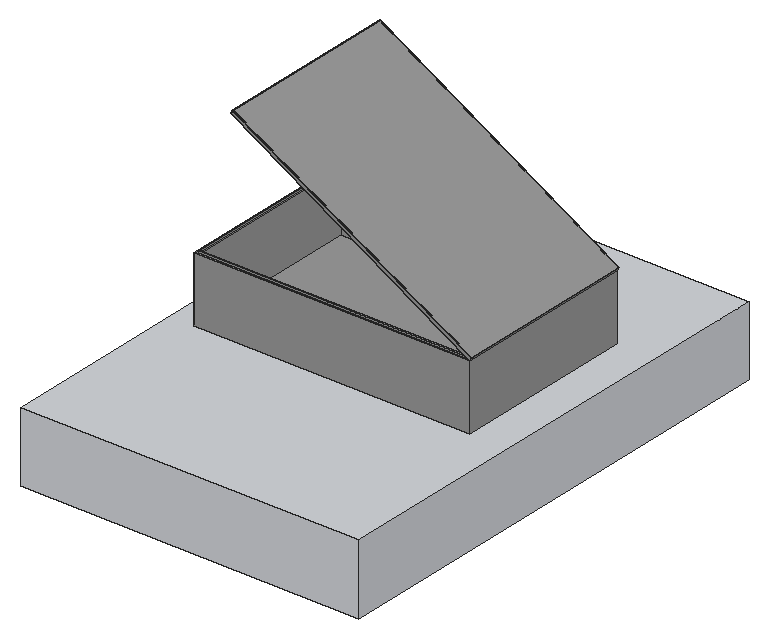
Revit family "Hager-Orion_Inox-IP55-D300-Cl.I-Inox_encl-630A-800mm-CH-en", category Equipement électrique, Revit 2020
Family settings
  Hôte = Face
  Configuration du panneau = Deux colonnes, circuits au sein
  Cote de connecteur circulaire = Utiliser le diamètre
  Type d'élément = Tableau de raccordement
  Couper avec des vides une fois chargée = Non
  Partagée = Non
  Point de calcul de pièce = Non
Parameters (values of type "Surface mounted (plaster) IP55 W1200 H800 D300  - FL055BWL")
  Width Control [instance] = if([EF000008 - Width] > Min Width, [EF000008 - Width], Min Width)  # 1200 mm
  Commentaires du type = [HG000003 - Range]  # "Orion Inox"
  Thickness Door [instance] = if([EF009171 - Material plate thickness door/cover] > 3 mm, 3 mm, [EF009171 - Material plate thickness door/cover])  # 1.5 mm
  Seal Frame Offset [instance] = 17 mm  # constant formula
  Model = ""
  Min Width [instance] = 100 mm  # constant formula
  Min Height [instance] = 100 mm  # constant formula
  Min Depth [instance] = (2 * [EF009170 - Material plate thickness cabinet]) + 1 mm  # 4 mm
  Internal Frame Depth [instance] = (Door System Depth * 0.5)  # 9 mm
  Height Control [instance] = if([EF000040 - Height] > Min Height, [EF000040 - Height], Min Height)  # 800 mm
  HG000027 - Plinth height = 0 mm
  HG000026 - Floor standing = no
  HG000024 - Bottom section height = 800 mm
  HG000023 - Double section enclosure = no
  HG000016 - Door 3d visibility [instance] = yes
  HG000015 - Clearance visibility [instance] = no
  HG000014 - Door on the right [instance] = yes
  HG000013 - Door on the left [instance] = not([HG000014 - Door on the right])  # no
  HG000012 - Door swing angle [instance] = 30.00°
  HG000010 - Asymmetric doors = no
  HG000009 - Double swing door = no
  HG000006 - Flush mounted = no
  HG000004 - Manufacturer reference = "FL055BWL"
  HG000003 - Range = "Orion Inox"
  HG000002 - With door or cover = yes
  Frame Offset Bottom [instance] = 10 mm  # constant formula
  Frame Offset [instance] = 15 mm  # constant formula
  EF015940 - Cover with overpressure release = no
  EF011959 - Degree of protection (NEMA) = ""
  EF009554 - Number of openings for flange plates = 0
  EF009212 - Cover model = "EV000116 - Closed"
  EF009171 - Material plate thickness door/cover = 1.5 mm
  EF009170 - Material plate thickness cabinet = 1.5 mm
  Fabricant = "Hager"  # constant formula
  EF008873 - Nominal current (In) = 630 A
  EF007800 - Suitable for lightning protection = no
  EF006306 - With lock = yes
  EF006244 - Transparent cover/door = no
  EF005474 - Degree of protection (IP) = "EV006420 - IP55"
  EF004464 - Type of door = "EV003602 - Double"
  EF004427 - Number of modules = 0
  EF004293 - Impact strength = "EV008784 - IK10"
  EF003532 - Suitable for outdoor use = yes
  EF002950 - Width in number of modular spacings = 0
  EF001613 - Circuit integrity = "EV000494 - None"
  EF001596 - Material housing = "EV000166 - Stainless steel"
  EF001131 - Internal depth = 266 mm
  EF001088 - Extension possible = yes
  EF000437 - Number of conduit inlets = 0
  EF000339 - Type of cover = "EV004216 - Door"
  EF000266 - Number of rows = 0
  EF000218 - Built-in depth = 0 mm
  EF000118 - With mounting plate = no
  EF000116 - RAL-number = ""
  EF000049 - Depth = 300 mm
  EF000040 - Height = 800 mm
  EF000008 - Width = 1200 mm
  EF000007 - Colour = "EV000154 - Other"
  EF000003 - Mounting method = "EV000384 - Surface mounted (plaster)"
  Door System Leaf Tolerance [instance] = 1.5 mm  # constant formula
  Door System Depth [instance] = 18 mm  # constant formula
  Depth Control [instance] = if([EF000049 - Depth] > Min Depth, [EF000049 - Depth], Min Depth)  # 300 mm
  Default Elevation = 0 mm
Types (4, lengths in mm): name | Width Control | HG000004 - Manufacturer reference | EF000008 - Width
  Surface mounted (plaster) IP55 W1000 H800 D300  - FL054BW | 1000 | "FL054BW" | 1000
  Surface mounted (plaster) IP55 W1000 H800 D300  - FL054BWL | 1000 | "FL054BWL" | 1000
  Surface mounted (plaster) IP55 W1200 H800 D300  - FL055BW | 1200 | "FL055BW" | 1200
  Surface mounted (plaster) IP55 W1200 H800 D300  - FL055BWL | 1200 | "FL055BWL" | 1200
Reference planes
  plane 1 "Center (Front/Back)": y = 0
  plane 2: z = 0
  plane 3 "Center (Left/Right)": x = 0
  plane 4: z = 300
  plane 5: y = 1.5
  plane 6: y = 400
  plane 7: y = 0
  plane 8: y = 800
  plane 9: z = 0
  plane 10: x = -585
  plane 11: x = 585
  plane 12: x = 583.5
  plane 13: x = -583.5
  plane 14: y = 798.5
  plane 15: x = -583
  plane 16: x = -600
  plane 17: x = 583
  plane 18: x = 600
  plane 19: x = 598.5
  plane 20: x = -598.5
  plane 21: y = 11.5
  plane 22: y = 800
  plane 23: y = 783.5
  plane 24: z = 282
  plane 25: z = 1.5
  plane 26: z = 280.5
  plane 27: z = 298.5
Forms (mm)
  Extrusion 1, solid
    sketch origin (0, 0, 0) x (1, 0, 0) y (0, 1, 0)
      loop
        line (-702.964, 1305) -> (-702.964, -811.445) -> (766.763, -811.445) -> (766.763, 1305) -> (-702.964, 1305)
    from 0 to -304.8
  Extrusion 2, solid, material "Hager_Stainless_Steel", detail levels medium+fine
    sketch origin (0, 0, 0) x (1, 0, 0) y (0, 1, 0)
      loop
        line (-600, 0) -> (600, 0) -> (600, 800) -> (-600, 800) -> (-600, 0)
    from 0 to 282
  Extrusion 3, solid, material "Hager_Steel_RAL 7035_Light_Grey", not visible, detail levels medium+fine
    sketch origin (0, 28.16, 50.802) x (0, 1, 0) y (0, 0, 1)
      loop
        line (423.34, -50.802) -> (423.34, 237.698)
        arc (423.34, 237.698) -> (420.411, 244.769) -> (413.34, 247.698) r 10
        line (413.34, 247.698) -> (383.34, 247.698) -> (383.34, -50.802) -> (423.34, -50.802)
    from -598.5 to 598.5
  Extrusion 4, void
    sketch origin (0, 0, 0) x (1, 0, 0) y (0, 1, 0)
      loop
        line (-598.5, 1.5) -> (598.5, 1.5) -> (598.5, 798.5) -> (-598.5, 798.5) -> (-598.5, 1.5)
    from 1.5 to 280.5
  Extrusion 5, void
    sketch origin (-381.607, -4572, 282) x (0, -1, 0) y (-1, 0, 0)
      loop
        line (-4583.5, 201.893) -> (-5355.5, 201.893) -> (-5355.5, -965.107) -> (-4583.5, -965.107) -> (-4583.5, 201.893)
    from 0 to 1.5 <- "EF009170 - Material plate thickness cabinet"
  Extrusion 6, solid, material "Hager_Stainless_Steel", detail levels fine
    sketch origin (-381.607, -4572, 282) x (-1, 0, 0) y (0, -1, 0)
      loop
        line (201.893, -4583.5) -> (-965.107, -4583.5) -> (-965.107, -5355.5) -> (201.893, -5355.5) -> (201.893, -4583.5)
      loop
        line (202.893, -4582) -> (-966.107, -4582) -> (-966.107, -5357) -> (202.893, -5357) -> (202.893, -4582)
    from 0 to 9 <- "Internal Frame Depth"
  Extrusion 7, solid, material "Hager_Stainless_Steel", detail levels coarse
    sketch origin (0, 0, 0) x (1, 0, 0) y (0, 1, 0)
      loop
        line (-600, 0) -> (600, 0) -> (600, 800) -> (-600, 800) -> (-600, 0)
    from 0 to 300
Cuts and joins
  Extrusion 4, Extrusion 5 cuts Extrusion 2
Lines and regions (mm)
  Masking region 1
    outline origin (0, 0, 0) x (1, 0, 0) y (0, 0, 1)
      loop
        line (-600, 300) -> (-600, 0) -> (600, 0) -> (600, 300) -> (-600, 300)
  Masking region 2, detail levels medium+fine
    outline origin (0, 140, 0) x (0, 1, 0) y (0, 0, 1)
      loop
        line (-140, 0) -> (660, 0) -> (660, 282) -> (-140, 282) -> (-140, 0)
  Masking region 3, not visible, detail levels medium+fine
    outline origin (0, 297.922, 0) x (0, 1, 0) y (0, 0, 1)
      loop
        line (113.578, 0) -> (153.578, 0) -> (153.578, 288.5)
        arc (153.578, 288.5) -> (150.649, 295.571) -> (143.578, 298.5) r 10
        line (143.578, 298.5) -> (113.578, 298.5) -> (113.578, 0)
  Masking region 4, detail levels coarse
    outline origin (0, 0, 180) x (0, 1, 0) y (0, 0, 1)
      loop
        line (0, -180) -> (800, -180) -> (800, 120) -> (0, 120) -> (0, -180)
  Masking region 5
    outline origin (-381.607, -4572, 282) x (-1, 0, 0) y (0, -1, 0)
      loop
        line (218.393, -5372) -> (218.393, -4572) -> (-981.607, -4572) -> (-981.607, -5372) -> (218.393, -5372)
Dimensions and locks
  "Depth Control": plane 4 to Extrusion 1
  "EF009170 - Material plate thickness cabinet": plane 5 to plane 7
  locked: connector elem to plane 3 "Center (Left/Right)"
  equal spacing: plane 8, plane 6, plane 7
  locked: connector elem to plane 6
  "EF009170 - Material plate thickness cabinet": plane 8 to plane 14
  "EF009170 - Material plate thickness cabinet": plane 10 to plane 13
  "EF009170 - Material plate thickness cabinet": plane 12 to plane 11
  "Frame Offset": plane 20 to plane 13
  "Frame Offset": plane 12 to plane 19
  "EF009170 - Material plate thickness cabinet": plane 16 to plane 20
  "EF009170 - Material plate thickness cabinet": plane 19 to plane 18
  "Seal Frame Offset": plane 16 to plane 15
  "Seal Frame Offset": plane 17 to plane 18
  "Frame Offset Bottom": plane 21 to plane 5
  "Frame Offset": plane 14 to plane 23
  equal spacing: plane 16, plane 3 "Center (Left/Right)", plane 18
  "Width Control": plane 16 to plane 18
  "EF009170 - Material plate thickness cabinet": plane 4 to plane 27
  "EF009170 - Material plate thickness cabinet": plane 24 to plane 26
  "EF009170 - Material plate thickness cabinet": plane 25 to level
  "Door System Depth": plane 4 to plane 24
  "Height Control": plane 1 "Center (Front/Back)" to Extrusion 7 sketch curve
  "Height Control": Masking region 4 sketch curve to plane 1 "Center (Front/Back)"
  "Thickness Door": Extrusion 6 sketch curve to plane 15
  "Thickness Door": plane 21 to Extrusion 6 sketch curve
  "Thickness Door": plane 17 to Extrusion 6 sketch curve
  "Thickness Door": Extrusion 6 sketch curve to plane 23
  "Height Control": plane 1 "Center (Front/Back)" to plane 22
  radius of Masking region 3 sketch curve = 10 mm
  radius of Extrusion 3 sketch curve = 10 mm
  aligned and locked: plane 2 to Extrusion 1
  aligned and locked: level to Extrusion 1
  aligned and locked: level to Masking region 1 sketch curve
  aligned and locked: Masking region 1 sketch curve to plane 18
  aligned and locked: Masking region 1 sketch curve to plane 16
  aligned and locked: plane 7 to Masking region 2 sketch curve
  aligned and locked: level to Masking region 3 sketch curve
  aligned and locked: Masking region 3 sketch curve to plane 27
  aligned and locked: level to Masking region 2 sketch curve
  aligned and locked: Extrusion 2 sketch curve to plane 7
  aligned and locked: plane 16 to Extrusion 2 sketch curve
  aligned and locked: plane 18 to Extrusion 2 sketch curve
  aligned and locked: Extrusion 3 sketch curve to level
  aligned and locked: plane 27 to Extrusion 3 sketch curve
  aligned and locked: plane 20 to Extrusion 3
  aligned and locked: plane 19 to Extrusion 3
  aligned and locked: plane 20 to Extrusion 4 sketch curve
  aligned and locked: plane 19 to Extrusion 4 sketch curve
  aligned and locked: Extrusion 4 sketch curve to plane 5
  aligned and locked: Extrusion 4 to plane 25
  aligned and locked: plane 26 to Extrusion 4
  aligned and locked: plane 24 to Extrusion 2
  aligned and locked: Extrusion 5 sketch curve to plane 21
  aligned and locked: Extrusion 5 sketch curve to plane 13
  aligned and locked: Extrusion 5 sketch curve to plane 12
  aligned and locked: plane 18 to Extrusion 7 sketch curve
  aligned and locked: plane 1 "Center (Front/Back)" to Extrusion 7 sketch curve
  aligned and locked: plane 16 to Extrusion 7 sketch curve
  aligned and locked: plane 4 to Extrusion 7
  aligned and locked: Extrusion 7 to level
  aligned and locked: level to Masking region 4 sketch curve
  aligned and locked: Masking region 4 sketch curve to plane 1 "Center (Front/Back)"
  aligned and locked: Masking region 4 sketch curve to plane 4
  aligned and locked: nested 1 to level
  aligned and locked: nested 1 to plane 16
  aligned and locked: Extrusion 2 sketch curve to plane 8
  aligned and locked: Extrusion 5 sketch curve to plane 23
  aligned and locked: Extrusion 4 sketch curve to plane 14
  aligned and locked: Extrusion 6 sketch curve to plane 21
  aligned and locked: plane 13 to Extrusion 6 sketch curve
  aligned and locked: Extrusion 6 sketch curve to plane 23
  aligned and locked: plane 12 to Extrusion 6 sketch curve
  aligned and locked: Masking region 2 sketch curve to plane 8
  aligned and locked: Masking region 2 sketch curve to plane 24
  aligned and locked: nested 2 to plane 3 "Center (Left/Right)"
  aligned and locked: nested 2 to plane 24
  aligned and locked: Masking region 5 sketch curve to plane 1 "Center (Front/Back)"
  aligned and locked: Masking region 5 sketch curve to plane 18
  aligned and locked: Masking region 5 sketch curve to plane 22
  aligned and locked: Masking region 5 sketch curve to plane 16
  aligned and locked: plane 8 to plane 22
  aligned and locked: plane 7 to plane 1 "Center (Front/Back)"
  aligned and locked: nested 2 to plane 1 "Center (Front/Back)"
Automatic sketch dimensions
  Extrusion 1 sketch curve to Extrusion 1 sketch curve = 1469.727 mm
  Extrusion 1 sketch curve to Extrusion 1 sketch curve = 2116.445 mm
  plane 6 to Masking region 3 sketch curve = 11.5 mm
  Masking region 3 sketch curve to Masking region 3 sketch curve = 30 mm
  plane 6 to Extrusion 3 sketch curve = 11.5 mm
  Extrusion 3 sketch curve to Extrusion 3 sketch curve = 30 mm
  Masking region 1 sketch curve to plane 4 = 0 mm
Nested families
  nested 1: "Hager_Enclosure_Symbol" at (-600, 0, 0) x (1, 0, 0) z (0, -1, 0), Height <- "Depth Control", Width <- "Width Control", type "Hager_Enclosure_Symbol"
    with Width_Ctrl 1200 mm, Width 1200 mm, Height_Ctrl 300 mm, Height 300 mm, A_Width_Int 19.688 mm, A_Width 236.25 mm, A_Height_Ctrl 262.5 mm, A_Height 262.5 mm
  nested 2: "EC000058_OrionInox_Door" at (0, 800, 282) x (1, 0, 0) z (0, -1, 0), Leaf_Tolerance <- "Door System Leaf Tolerance", Angle <- "HG000012 - Door swing angle", Door_Depth <- "Door System Depth", Door_Left <- "HG000013 - Door on the left", Transparent <- "EF006244 - Transparent cover/door", Assymetrical <- "HG000010 - Asymmetric doors", Width <- "Width Control", Clearance <- "HG000015 - Clearance visibility", Double <- "HG000009 - Double swing door", 3d_Door <- "HG000016 - Door 3d visibility", Width_Ctrl <- "Width Control", Door_Right <- "HG000014 - Door on the right", Door <- "HG000002 - With door or cover", Height <- "Height Control", Thickness <- "Thickness Door", type "EC000058_OrionInox_Door", detail levels medium+fine
    with min_wh 4 mm, Width_Ctrl 1200 mm, Width 1200 mm, Transparent no, Thickness 1.5 mm, Seal_Material Hager_Rubber, Leaf_Width 1200 mm, Leaf_Tolerance_External_Sides 0 mm, Leaf_Tolerance 1.5 mm, Leaf_Offset 0 mm, Leaf_Height 797 mm, Leaf_2_Width 1200 mm, Leaf_2_Offset 600 mm, Leaf_1_Width 1200 mm, Leaf_1_Offset 600 mm, Height_Ctrl 800 mm, Height 800 mm, Glass_Material Hager_Glass, Double_Clearance_Ctrl no, Double no, Door_Right_Ctrl yes, Door_Right yes, Door_Material Hager_Stainless_Steel, Door_Left_Ctrl no, Door_Left no, Door_Depth 18 mm, Door yes, Clearance_Material Hager_Clearance, Clearance_Depth 1200 mm, Clearance_Ctrl no, Clearance no, Assymetrical no, Angle 30.00°, 3d_Door yes
Connectors
  electrical at (0, 400, 0)
    settings: on plane 9, index 1, voltage 0 V, apparent load 0 VA, apparent load phase1 0 VA, apparent load phase2 0 VA, apparent load phase3 0 VA, power factor 1, load classification "Other", number of poles 1, system type 30, power factor state 1, is connector primary yes, connector utility no, sub classification motor no, connector description ""
Definition of nested family "EC000058_OrionInox_Door"
  Parameters (values of type "EC000058_OrionInox_Door")
    min_wh [instance] = (2 * Thickness) + 1 mm  # 11 mm
    Width_Ctrl [instance] = 400 mm
    Width [instance] = 500 mm
    Transparent [instance] = yes
    Thickness [instance] = 5 mm
    Seal_Material [instance] = none
    Leaf_Width [instance] = if((Width_Ctrl - 2 * Leaf_Tolerance_External_Sides) > 0 mm, (Width_Ctrl - 2 * Leaf_Tolerance_External_Sides), min_wh)  # 400 mm
    Leaf_Tolerance_External_Sides [instance] = 0 mm  # constant formula
    Leaf_Tolerance [instance] = 1.5 mm
    Leaf_Offset [instance] = 0 mm  # constant formula
    Leaf_Height [instance] = if((Height_Ctrl - 2 * Leaf_Tolerance) > 0 mm, (Height_Ctrl - 2 * Leaf_Tolerance), min_wh)  # 497 mm
    Leaf_2_Width [instance] = if(and(and(Double, Assymetrical), Door_Left), (Leaf_Width / 3) - (Leaf_Tolerance / 2), if(and(and(Double, Assymetrical), Door_Right), (Leaf_Width / 3) * 2 - (Leaf_Tolerance / 2), if(and(Double, not(Assymetrical)), (Leaf_Width / 2) - Leaf_Tolerance, Leaf_Width)))  # 400 mm
    Leaf_2_Offset [instance] = if(and(Double, Assymetrical), Leaf_2_Width / 2, if(and(Double, not(Assymetrical)), Leaf_Width / 4, Leaf_Width / 2))  # 200 mm
    Leaf_1_Width [instance] = if(and(and(Double, Assymetrical), Door_Right), (Leaf_Width / 3) - (Leaf_Tolerance / 2), if(and(and(Double, Assymetrical), Door_Left), (Width / 3) * 2 - (Leaf_Tolerance / 2), if(and(Double, not(Assymetrical)), (Leaf_Width / 2) - Leaf_Tolerance, Leaf_Width)))  # 400 mm
    Leaf_1_Offset [instance] = if(and(Double, Assymetrical), Leaf_1_Width / 2, if(and(Double, not(Assymetrical)), Leaf_Width / 4, Leaf_Width / 2))  # 200 mm
    Height_Ctrl [instance] = if(Height > min_wh, Height, min_wh)  # 500 mm
    Height [instance] = 500 mm
    Glass_Material [instance] = none
    Double_Clearance_Ctrl [instance] = and(Double, Clearance)  # no
    Double [instance] = no
    Door_Right_Ctrl [instance] = and(or(Door_Right, Double), Door)  # yes
    Door_Right [instance] = yes
    Door_Material [instance] = none
    Door_Left_Ctrl [instance] = and(or(Door_Left, Double), Door)  # no
    Door_Left [instance] = no
    Door_Depth [instance] = 30 mm
    Door [instance] = yes
    Default Elevation = 1219.2 mm
    Clearance_Material [instance] = none
    Clearance_Depth [instance] = if(Leaf_1_Width > Leaf_2_Width, Leaf_1_Width, Leaf_2_Width)  # 400 mm
    Clearance_Ctrl [instance] = and(not(Double), Clearance)  # yes
    Clearance [instance] = yes
    Assymetrical [instance] = yes
    Angle [instance] = 30.00°
    3d_Door [instance] = yes
  Reference planes
    plane 1 "Center (Front/Back)": y = 0
    plane 2 "Bottom": z = 0
    plane 3 "Center (Left/Right)": x = 0
    plane 4: z = 500
    plane 5: x = -200
    plane 6: x = 200
    plane 7: z = 500
    plane 8: x = -200
    plane 9: z = 0
    plane 10: x = 200
    plane 11: y = 0
    plane 12: z = 1.5
    plane 13: x = -600
    plane 14: y = -400
    plane 15: x = 600
    plane 16: x = 0
    plane 17: x = 0
    plane 18: x = -200
    plane 19: x = 200
    plane 20: z = 498.5
  Forms (mm)
    Extrusion 1, solid, material <- "Clearance_Material", visible <- "Double_Clearance_Ctrl"
      sketch origin (1200, 0, 0) x (1, 0, 0) y (0, 0, -1)
        loop
          line (-1800, -498.5) -> (-600, -498.5) -> (-600, 0) -> (-1800, 0) -> (-1800, -498.5)
      from 0 to -400
  Dimensions and locks
    equal spacing: plane 5, plane 3 "Center (Left/Right)", plane 6
    "Width_Ctrl": plane 5 to plane 6
    "Leaf_Offset": plane 5 to plane 8
    "Leaf_Offset": plane 6 to plane 10
    "Leaf_Offset": plane 9 to level
    "Leaf_Offset": plane 4 to plane 7
    "Height_Ctrl": plane 4 to level
    "Leaf_Tolerance": plane 12 to plane 9
    locked: plane 11 to plane 1 "Center (Front/Back)"
    "Leaf_1_Offset": plane 18 to plane 16
    "Leaf_2_Offset": plane 17 to plane 19
    "Leaf_1_Width": plane 13 to plane 8
    "Leaf_2_Width": plane 10 to plane 15
    "Clearance_Depth": plane 14 to plane 1 "Center (Front/Back)"
    "Leaf_Tolerance_External_Sides": plane 8 to plane 18
    "Leaf_Tolerance_External_Sides": plane 19 to plane 10
    "Leaf_Tolerance": plane 7 to plane 20
    aligned and locked: level to plane 2 "Bottom"
    aligned and locked: nested 1 to plane 16
    aligned and locked: nested 2 to plane 17
    aligned and locked: Extrusion 1 to plane 13
    aligned and locked: plane 15 to Extrusion 1
    aligned and locked: Extrusion 1 to plane 14
    aligned and locked: plane 12 to nested 1
    aligned and locked: nested 2 to plane 12
    aligned and locked: Extrusion 1 to plane 11
    aligned and locked: plane 20 to Extrusion 1
    aligned and locked: nested 2 to plane 11
    aligned and locked: nested 1 to plane 11
  Automatic sketch dimensions
    Extrusion 1 sketch curve to level = 0 mm
    plane 5 to Extrusion 1 sketch curve = 400 mm
    plane 6 to Extrusion 1 sketch curve = 400 mm
    Extrusion 1 sketch curve to plane 4 = 1.5 mm
  Nested families
    nested 1: "EC000058_OrionInox_Door_Leaf" at (0, 0, 1.5), Width <- "Leaf_1_Width", visible <- "Door_Left_Ctrl", Leaf_Height <- "Leaf_Height", Angle <- "Angle", 3d_Door <- "3d_Door", Transparent <- "Transparent", Clearance Material <- "Clearance_Material", Clearance <- "Clearance_Ctrl", Door_Material <- "Door_Material", Glass_Material <- "Glass_Material", Door_Depth <- "Door_Depth", Seal_Material <- "Seal_Material", Thickness <- "Thickness", type "EC000058_OrionInox_Door_Leaf"
      with Width 400 mm, Transparent_Ctrl yes, Transparent yes, Thickness 5 mm, Standard no, Seal_Material none, Seal_D2 8 mm, Seal_D1 1 mm, Offset_Internal_Frame 10 mm, Lock_Width 28 mm, Lock_Thickness 2 mm, Lock_Radius 6 mm, Leaf_Height 497 mm, Internal_Seal_Thickness 8 mm, Internal_Seal_Depth_2 4.5 mm, Internal_Frame_Depth 25 mm, Glass_Thickness -1 mm, Glass_Offset -2 mm, Glass_Material none, Door_Material none, Door_Depth 30 mm, Clearance Material none, Clearance yes, Angle_Ctrl 30.00°, Angle 30.00°, 3d_Door yes
    nested 2: "EC000058_OrionInox_Door_Leaf" at (0, 0, 1.5) x (-1, 0, 0) z (0, 0, 1), Width <- "Leaf_2_Width", visible <- "Door_Right_Ctrl", Leaf_Height <- "Leaf_Height", Angle <- "Angle", 3d_Door <- "3d_Door", Transparent <- "Transparent", Clearance Material <- "Clearance_Material", Clearance <- "Clearance_Ctrl", Door_Material <- "Door_Material", Glass_Material <- "Glass_Material", Door_Depth <- "Door_Depth", Seal_Material <- "Seal_Material", Thickness <- "Thickness", type "EC000058_OrionInox_Door_Leaf"
      with Width 400 mm, Transparent_Ctrl yes, Transparent yes, Thickness 5 mm, Standard no, Seal_Material none, Seal_D2 8 mm, Seal_D1 1 mm, Offset_Internal_Frame 10 mm, Lock_Width 28 mm, Lock_Thickness 2 mm, Lock_Radius 6 mm, Leaf_Height 497 mm, Internal_Seal_Thickness 8 mm, Internal_Seal_Depth_2 4.5 mm, Internal_Frame_Depth 25 mm, Glass_Thickness -1 mm, Glass_Offset -2 mm, Glass_Material none, Door_Material none, Door_Depth 30 mm, Clearance Material none, Clearance yes, Angle_Ctrl 30.00°, Angle 30.00°, 3d_Door yes
  Definition of nested family "EC000058_OrionInox_Door_Leaf"
    Parameters (values of type "EC000058_OrionInox_Door_Leaf")
      Width [instance] = 450 mm
      Transparent_Ctrl [instance] = and(Transparent, [3d_Door])  # yes
      Transparent [instance] = yes
      Thickness [instance] = 5 mm
      Standard [instance] = and(not(Transparent), [3d_Door])  # no
      Seal_Material [instance] = none
      Seal_D2 [instance] = 8 mm  # constant formula
      Seal_D1 [instance] = 1 mm  # constant formula
      Offset_Internal_Frame [instance] = 10 mm  # constant formula
      Lock_Width [instance] = Door_Depth - Lock_Thickness  # 28 mm
      Lock_Thickness [instance] = 2 mm  # constant formula
      Lock_Radius [instance] = 6 mm  # constant formula
      Leaf_Height [instance] = 450 mm
      Internal_Seal_Thickness [instance] = 8 mm  # constant formula
      Internal_Seal_Depth_2 [instance] = 4.5 mm  # constant formula
      Internal_Frame_Depth [instance] = if(Door_Depth - Thickness > 5 mm, Door_Depth - Thickness, 5 mm)  # 25 mm
      Glass_Thickness [instance] = if(Thickness > 15 mm, Glass_Offset + 10 mm, -1 mm)  # -1 mm
      Glass_Offset [instance] = if(Thickness > 15 mm, -(Thickness + 10 mm) / 2, -2 mm)  # -2 mm
      Glass_Material [instance] = none
      Door_Material [instance] = none
      Door_Depth [instance] = 30 mm
      Default Elevation = 0 mm
      Clearance Material [instance] = none
      Clearance [instance] = yes
      Angle_Ctrl [instance] = if(Angle > 180.00°, 180.00°, Angle)  # 90.00°
      Angle [instance] = 90.00°
      3d_Door [instance] = yes
    Reference planes
      plane 1 "Center (Front/Back)": y = 0
      plane 2: z = 0
      plane 3 "Center (Left/Right)": x = 0
      plane 4: y = 450
      plane 5: x = -225
      plane 6: x = 225
      plane 7: x = -675
      plane 8: z = 450
      plane 9: z = 30
      plane 10: z = 420
      plane 11: x = 195
      plane 12: x = -195
      plane 13: y = -3
      plane 14: z = 107.833
      plane 15: y = -5
      plane 16: y = -223.314
      plane 17: x = -225
      plane 18: y = 30
    Forms (mm)
      Extrusion 1, solid, material <- "Clearance Material", visible <- "Clearance"
        sketch origin (0, 0, 0) x (1, 0, 0) y (0, 0, 1)
          loop
            line (-675, 450) -> (-675, 0) -> (225, 0) -> (225, 450) -> (-675, 450)
        from 0 to -450
      Extrusion 2, solid, material <- "Door_Material", visible <- "Standard", detail levels medium+fine
        sketch origin (-225, 0, 0) x (0, 1, 0) y (-1, 0, 0)
          loop
            line (0, 30) -> (0, 25) -> (450, 25) -> (450, 30) -> (0, 30)
        from 0 to 450 <- "Leaf_Height"
      Extrusion 3, solid, material <- "Door_Material", visible <- "Transparent_Ctrl", detail levels medium+fine
        sketch origin (-225, 0, 0) x (0, 1, 0) y (-1, 0, 0)
          loop
            line (0, 25) -> (450, 25) -> (450, 30) -> (0, 30) -> (0, 25)
        from 0 to 450 <- "Leaf_Height"
      Extrusion 4, void
        sketch origin (-250, 450, 0) x (0, 1, 0) y (0, 0, -1)
          loop
            line (-30, -420) -> (-30, -30) -> (-420, -30) -> (-420, -420) -> (-30, -420)
        from 0 to 5 <- "Thickness"
      Sweep 5, solid, material <- "Seal_Material", visible <- "Transparent_Ctrl", detail levels fine
        path in 3D
          loop
            line (-250, 30, 30) -> (-250, 30, 420) -> (-250, 420, 420) -> (-250, 420, 30) -> (-250, 30, 30)
        profile origin (-250, 225, 30) x (1, 0, 0) y (0, 0, 1)
          loop
            line (0, 0) -> (0, -8) -> (1, -8) -> (1, 0) -> (0, 0)
      Extrusion 6, solid, material <- "Glass_Material", visible <- "Transparent_Ctrl", detail levels medium+fine
        sketch origin (-255, 0, 0) x (0, 1, 0) y (0, 0, -1)
          loop
            line (420, -420) -> (420, -30) -> (30, -30) -> (30, -420) -> (420, -420)
        from -2 <- "Glass_Offset" to -1 <- "Glass_Thickness"
      Extrusion 7, solid, material <- "Door_Material", visible <- "3d_Door", detail levels medium+fine
        sketch origin (-250, 450, 0) x (0, -1, 0) y (0, 0, -1)
          loop
            line (0, -450) -> (450, -450) -> (450, 0) -> (0, 0) -> (0, -450)
          loop
            line (445, -5) -> (5, -5) -> (5, -445) -> (445, -445) -> (445, -5)
        from 0 to 25 <- "Internal_Frame_Depth"
      Sweep 8, solid, material <- "Seal_Material", visible <- "Transparent_Ctrl", detail levels fine
        path in 3D
          loop
            line (-250, 0, 0) -> (-250, 450, 0) -> (-250, 450, 450) -> (-250, 0, 450) -> (-250, 0, 0)
        profile origin (-250, 0, 225) x (1, 0, 0) y (0, 1, 0)
          loop
            line (0, 10) -> (2.975, 10)
            arc (2.975, 10) -> (4.053, 10.447) -> (4.5, 11.525) r 1.525
            line (4.5, 11.525) -> (4.5, 16.527)
            arc (4.5, 16.527) -> (4.069, 17.569) -> (3.027, 18) r 1.473
            line (3.027, 18) -> (0, 18) -> (0, 10)
    Cuts and joins
      Extrusion 4 cuts Extrusion 3
    Lines and regions (mm)
      Masking region 1, detail levels medium+fine
        outline origin (0, 0, 0) x (0, 1, 0) y (0, 0, 1)
          loop
            line (0, 0) -> (30, 0) -> (30, 450) -> (0, 450) -> (0, 0)
      Masking region 2, detail levels medium+fine
        outline origin (0, 0, 0) x (1, 0, 0) y (0, 0, 1)
          loop
            line (-225, 450) -> (-225, 0) -> (225, 0) -> (225, 450) -> (-225, 450)
      symbolic lines
        curve 1: line (225, 0, 0) -> (-675, 0, 0)
        curve 2: arc (225, 0, 0) -> (-225, 450, 0) -> (-675, 0, 0) r 450
        curve 4: line (-255, 0, 0) -> (-255, 450, 0)
      reference lines
        curve 3: line (-225, 0, 0) -> (-225, 450, 0)
      symbolic lines, detail levels medium+fine
        curve 5: line (-255, 450, 0) -> (-250, 450, 0)
        curve 7: line (-250, 0, 0) -> (-255, 0, 0)
        curve 8: line (-250, 0, 0) -> (-225, 0, 0)
        curve 9: line (-225, 0, 0) -> (-225, 450, 0)
        curve 10: line (-225, 450, 0) -> (-250, 450, 0)
      symbolic lines, detail levels fine
        curve 6: line (-250, 450, 0) -> (-250, 0, 0)
      sketch lines
        curve 11: line (-250, 0, 450) -> (-250, 0, 0)
        curve 12: line (-250, 450, 0) -> (-250, 0, 0)
        curve 13: line (-250, 450, 450) -> (-250, 450, 0)
        curve 14: line (-250, 0, 450) -> (-250, 450, 450)
        curve 15: line (-250, 420, 30) -> (-250, 30, 30)
        curve 16: line (-250, 30, 30) -> (-250, 30, 420)
        curve 17: line (-250, 420, 420) -> (-250, 420, 30)
        curve 18: line (-250, 30, 420) -> (-250, 420, 420)
      symbolic lines, visible <- "Transparent", detail levels medium+fine
        curve 19: line (-195, 0, 420) -> (195, 0, 420)
        curve 20: line (-195, 0, 30) -> (-195, 0, 420)
        curve 21: line (195, 0, 30) -> (-195, 0, 30)
        curve 22: line (195, 0, 420) -> (195, 0, 30)
    Dimensions and locks
      "Width": plane 1 "Center (Front/Back)" to plane 4
      equal spacing: plane 5, plane 3 "Center (Left/Right)", plane 6
      "Width": plane 5 to plane 6
      "Width": plane 7 to plane 5
      "Leaf_Height": plane 8 to level
      "Width": curve 5 to curve 3
      "Width": curve 3 to curve 3
      plane 8 to plane 10 = 30 mm
      plane 9 to level = 30 mm
      plane 12 to plane 5 = 30 mm
      plane 6 to plane 11 = 30 mm
      Extrusion 4 sketch curve to Extrusion 3 = 30 mm
      Extrusion 3 to Extrusion 4 sketch curve = 30 mm
      Extrusion 1 to Extrusion 4 sketch curve = 30 mm
      curve 3 to Extrusion 4 sketch curve = 30 mm
      Extrusion 4 sketch curve to cut or joined group of Extrusion 3, Extrusion 4 = 30 mm
      cut or joined group of Extrusion 3, Extrusion 4 to Extrusion 6 sketch curve = 30 mm
      cut or joined group of Extrusion 3, Extrusion 4 to Extrusion 4 sketch curve = 30 mm
      "Thickness": curve 6 to curve 4
      "Thickness": Extrusion 7 sketch curve to Extrusion 7 sketch curve  (x4)
      "Door_Depth": curve 4 to curve 3
      "Offset_Internal_Frame": profile plane to Sweep 8 sketch curve
      "Internal_Seal_Thickness": Sweep 8 sketch curve to Sweep 8 sketch curve
      "Internal_Seal_Depth_2": profile plane to Sweep 8 sketch curve
      "Seal_D1": profile plane to Sweep 5 sketch curve
      "Seal_D2": profile plane to Sweep 5 sketch curve
      "Thickness": Extrusion 2 sketch curve to Extrusion 2 sketch curve
      "Door_Depth": plane 18 to plane 1 "Center (Front/Back)"
      radius of Sweep 8 sketch curve = 1.525 mm
      radius of Sweep 8 sketch curve = 1.473 mm
      "Angle_Ctrl": angle plane 1 "Center (Front/Back)" to curve 3
      aligned and locked: level to plane 2
      aligned and locked: Extrusion 1 to curve 1
      aligned and locked: plane 6 to Extrusion 1
      aligned and locked: plane 1 "Center (Front/Back)" to Extrusion 1
      aligned and locked: plane 4 to Extrusion 1
      aligned and locked: plane 8 to Extrusion 1
      aligned and locked: curve 7 to Extrusion 2 sketch curve
      aligned and locked: curve 5 to Extrusion 2 sketch curve
      aligned and locked: curve 7 to Extrusion 3 sketch curve
      aligned and locked: Extrusion 3 sketch curve to curve 4
      aligned and locked: Extrusion 3 sketch curve to curve 6
      aligned and locked: Extrusion 3 sketch curve to curve 5
      aligned and locked: curve 9 to curve 3
      aligned and locked: Extrusion 7 sketch curve to cut or joined group of Extrusion 3, Extrusion 4  (x4)
      aligned and locked: plane 17 to curve 3
      aligned and locked: plane 1 "Center (Front/Back)" to curve 3
      aligned and locked: plane 17 to plane 5
      aligned and locked: Sweep 8 sketch curve to profile plane
      aligned and locked: Sweep 5 sketch curve to profile plane  (x2)
      aligned and locked: plane 1 "Center (Front/Back)" to Masking region 1 sketch curve
      aligned and locked: plane 18 to Masking region 1 sketch curve
      aligned and locked: level to Masking region 1 sketch curve
      aligned and locked: Masking region 1 sketch curve to plane 8
      aligned and locked: plane 17 to Masking region 2 sketch curve
      aligned and locked: level to Masking region 2 sketch curve
      aligned and locked: Masking region 2 sketch curve to plane 8
      aligned and locked: plane 12 to curve 20
      aligned and locked: plane 10 to curve 19
      aligned and locked: plane 11 to curve 22
      aligned and locked: plane 9 to curve 21
      aligned and locked: Extrusion 2 sketch curve to cut or joined group of Extrusion 3, Extrusion 4
    Automatic sketch dimensions
      plane 1 "Center (Front/Back)" to curve 2 = 0 mm
      curve 2 to plane 5 = 0 mm
      Extrusion 1 sketch curve to level = 0 mm
      Extrusion 1 sketch curve to plane 7 = 0 mm
      Extrusion 1 sketch curve to plane 6 = 0 mm
      Extrusion 1 sketch curve to plane 8 = 0 mm
      Extrusion 3 to Extrusion 6 sketch curve = 30 mm  (x4)
      Masking region 2 sketch curve to plane 6 = 0 mm
      curve 4 to curve 3 = 0 mm
Definition of nested family "Hager_Enclosure_Symbol"
  Parameters (values of type "Hager_Enclosure_Symbol")
    Width_Ctrl [instance] = if(Width > 1 mm, Width, 1 mm)  # 102.27 mm
    Width [instance] = 102.27 mm
    Height_Ctrl [instance] = if(Height > 1 mm, Height, 1 mm)  # 66.5 mm
    A_Width_Int [instance] = if(A_Width / 12 > 2 mm, A_Width / 12, 2 mm)  # 4.364 mm
    A_Width [instance] = if(A_Height_Ctrl * 0.9 > 2 mm, A_Height_Ctrl * 0.9, 2 mm)  # 52.369 mm
    A_Height_Ctrl [instance] = if(A_Height > 2 mm, A_Height, 2 mm)  # 58.188 mm
    Height [instance] = 66.5 mm
    A_Height [instance] = Height - (Height / 8)  # 58.188 mm
  Reference planes
    plane 1 "Centre (avant/arrière)": y = 0
    plane 2: z = 0
    plane 3 "Centre (gauche/droite)": x = 0
    plane 4: x = 52.369
    plane 5: y = 33.042
    plane 6: y = 41.77
    plane 7: y = 66.5
    plane 8: x = 26.184
    plane 9: y = 37.406
    plane 10: x = 102.27
    plane 11: y = 66.5
    plane 12: y = 8.313
  Lines and regions (mm)
    Filled region 1, type "Solid_Black", in view "Niveau de réf."
      outline origin (0, 0, 0) x (1, 0, 0) y (0, 1, 0)
        loop
          line (52.369, 66.5) -> (33.188, 54.536) -> (45.365, 45.006) -> (52.369, 66.5)
    Filled region 2, type "Solid_Black", in view "Niveau de réf."
      outline origin (0, 0, 0) x (1, 0, 0) y (0, 1, 0)
        loop
          line (0, 0) -> (102.27, 0) -> (102.27, 66.5) -> (0, 0)
    detail lines, in view "Niveau de réf."
      curve 1: line (0, 8.313, 0) -> (26.184, 41.77, 0)
      curve 2: line (26.184, 41.77, 0) -> (26.184, 33.042, 0)
      curve 3: line (26.184, 33.042, 0) -> (52.369, 66.5, 0)
  Dimensions and locks
    "A_Width": plane 3 "Centre (gauche/droite)" to plane 4
    equal spacing: plane 3 "Centre (gauche/droite)", plane 8, plane 4
    equal spacing: plane 6, plane 9, plane 5
    equal spacing: curve 3, Filled region 1 sketch curve, Filled region 1 sketch curve
    "Height_Ctrl": plane 1 "Centre (avant/arrière)" to plane 11
    "A_Height_Ctrl": plane 11 to plane 12
    equal spacing: plane 11, plane 9, plane 12
    "A_Width_Int": plane 6 to plane 9
    "Width_Ctrl": plane 3 "Centre (gauche/droite)" to plane 10
    angle Filled region 1 sketch curve to curve 3 = 20.00°
    angle curve 3 to Filled region 1 sketch curve = 20.00°
    locked: curve 3 to Filled region 1 sketch curve (angle 90.00°)
    aligned and locked: plane 10 to Filled region 2
    aligned and locked: plane 11 to Filled region 2 sketch curve
    aligned and locked: plane 10 to Filled region 2 sketch curve
    aligned and locked: plane 3 "Centre (gauche/droite)" to curve 1
    aligned and locked: plane 12 to curve 1
    aligned and locked: plane 7 to plane 11
  Automatic sketch dimensions
    Filled region 1 sketch curve to plane 4 = 0 mm
    Filled region 1 sketch curve to plane 7 = 0 mm
    plane 1 "Centre (avant/arrière)" to Filled region 2 sketch curve = 0 mm
    Filled region 2 sketch curve to plane 3 "Centre (gauche/droite)" = 0 mm
    curve 2 to plane 6 = 0 mm
    curve 2 to plane 8 = 0 mm
    curve 3 to plane 4 = 0 mm
    curve 2 to plane 5 = 0 mm
    curve 3 to plane 7 = 0 mm
